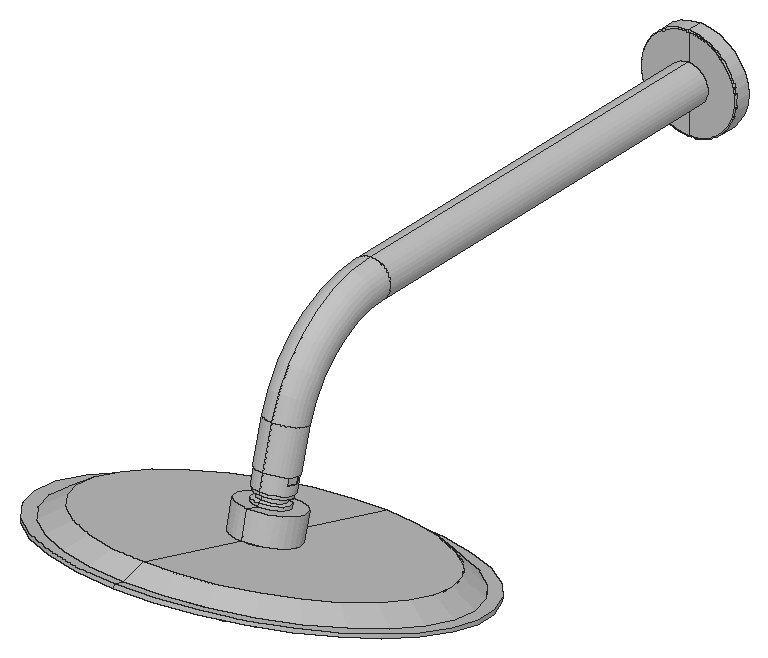
Revit family "Reece_Shower_Milli_Inox_Overhead Shower_With Arm", category Plumbing Fixtures, Revit 2018
Family settings
  Round Connector Dimension = Use Diameter
  Part Type = Normal
  Work Plane-Based = Yes
  Always vertical = Yes
  Cut with Voids When Loaded = Yes
  Shared = Yes
  Room Calculation Point = Yes
Parameters (values of type "Brushed Stainless Steel")
  URL = "https://www.reece.com.au/product/-2252099"
  Type Comments = "Shower"
  Reece_Shower_Reach = 359 mm  # constant formula
  Reece_Shower_Inlet = 12.5 mm  # constant formula
  Reece_Shower_Clearance = 125 mm  # constant formula
  Reece_Product_Web Page = "https://www.reece.com.au/product/-2252099"
  Reece_Product_Type = "Shower"  # constant formula
  Reece_Product_Sub Brand = "Inox"  # constant formula
  Reece_Product_Number = "2252099"
  Reece_Product_Mount = "Wall Mounted"
  Reece_Product_Description = "Milli Inox Overhead Shower 250mm with Arm Stainless Steel (3 Star)"
  Reece_Product_Brand = "Milli"  # constant formula
  Reece_Overall_Projection = 359 mm  # constant formula
  Reece_Material_Main = Reece_Brass_Brushed Stainless Steel
  Reece_Height_From_Level [instance] = 1900 mm
  Reece_Detail_Shape = ""
  Reece_Detail_Installation = "Overhead Shower"  # constant formula
  Reece_Detail_Disclaimer = "THIS FILE IS THE PROPERTY OF THE REECE GROUP. IT MAY NOT BE REPRODUCED, REVERSE-ENGINEERED OR MODIFIED. ANY REPUBLICATION, TRANSMISSION OR DISTRIBUTION FOR THE PURPOSE OF COMMERCIALLY EXPLOITING THE FILES IS PROHIBITED."  # constant formula
  Reece_Detail_Connector = ""
  Reece_Detail_Additional = "With Arm"  # constant formula
  Model = "Inox"
  Manufacturer = "Milli"
  Keynote = "Product #2252099, Reece_Shower_Milli_Inox_Overhead Shower_With Arm - Brushed Stainless Steel"
  Disclaimer = "THIS FILE IS THE PROPERTY OF THE REECE GROUP. IT MAY NOT BE REPRODUCED, REVERSE-ENGINEERED OR MODIFIED. ANY REPUBLICATION, TRANSMISSION OR DISTRIBUTION FOR THE PURPOSE OF COMMERCIALLY EXPLOITING THE FILES IS PROHIBITED."  # constant formula
  Description = "Milli Inox Overhead Shower 250mm with Arm Stainless Steel (3 Star)"
  Default Elevation = 0 mm
Reference planes
  plane 1 "Center (Front/Back)": y = 0
  plane 2 "Height From Floor": z = 1900
  plane 3 "Center (Left/Right)": x = 0
  plane 4 "Bottom Of Invisible Line": z = -5
  plane 5: z = 1775
  plane 6: y = -359
Forms (mm)
  Revolve 1, solid, material "Reece_Brass_Brushed Stainless Steel" <- "Reece_Material_Main"
    sketch origin (0, 0, 0) x (0, 1, 0) y (0, 0, 1)
      loop
        line (0, 1918.561) -> (0, 1931) -> (-9.502, 1931)
        arc (-9.502, 1931) -> (-9.878, 1930.844) -> (-10.034, 1930.469) r 0.531
        line (-10.034, 1930.469) -> (-10.034, 1900) -> (-1, 1900) -> (-1, 1918.561) -> (0, 1918.561)
      axis (0, 1900) -> (-10.034, 1900)
    angle from 0 to 360
  Sweep 2, solid, material "Reece_Brass_Brushed Stainless Steel" <- "Reece_Material_Main"
    path origin (0, 0, 0) x (0, 1, 0) y (0, 0, 1)
      loop
        line (0, 1900) -> (-269.105, 1900)
        arc (-269.105, 1900) -> (-312.531, 1885.47) -> (-338.469, 1847.73) r 72.159
        line (-338.469, 1847.73) -> (-345.911, 1821.776)
    profile origin (0, -134.552, 1900) x (0, 0, -1) y (1, 0, 0)
      loop
        circle (0, 0) r 12.5
Cuts and joins
  joined: Revolve 1, Sweep 2
Lines and regions (mm)
  model lines, style "InvisibleLines"
    curve 1: line (0, 0, -5) -> (0, 0, 1900)
Text (mm)
  text "Reece ©" at (2457.683, -2089.047, 3470.082), in view "Reece Preview"
  text "Reece Copyright © 2018, Reece Ltd." at (82.164, -580.949, 0), in view "Ref. Level"
Dimensions and locks
  level to plane 2 "Height From Floor" = 1900 mm
  locked: level to plane 4 "Bottom Of Invisible Line" at 5
  "Reece_Height_From_Level": plane 2 "Height From Floor" to level
  "Reece_Shower_Clearance": plane 2 "Height From Floor" to plane 5
  "Reece_Overall_Projection": plane 1 "Center (Front/Back)" to plane 6
  Revolve 1 to Revolve 1 = 62 mm
  Revolve 1 sketch curve to Revolve 1 sketch curve to Revolve 1 sketch curve to Revolve 1 sketch curve to Revolve 1 sketch curve to plane 2 "Height From Floor" to Revolve 1 sketch curve to Revolve 1 sketch curve to Revolve 1 sketch curve = 0 mm locked, 0.531 mm locked, 11.908 mm locked, 0 mm locked, 18.561 mm locked, 0 mm locked, 0 mm locked, 0 mm locked
  plane 2 "Height From Floor" to Sweep 2 sketch curve to Sweep 2 sketch curve to Sweep 2 sketch curve to Sweep 2 sketch curve = 0 mm locked, 0 mm locked, 52.27 mm locked, 25.954 mm locked
  nested 1 to nested 1 = 250 mm
  plane 2 "Height From Floor" to level = 1900 mm
  plane 6 to plane 1 "Center (Front/Back)" = 359 mm
  aligned and locked: plane 2 "Height From Floor" to curve 1
  aligned and locked: plane 4 "Bottom Of Invisible Line" to curve 1
  aligned and locked: plane 3 "Center (Left/Right)" to curve 1
Automatic sketch dimensions
  Sweep 2 sketch curve to plane 3 "Center (Left/Right)" = 0 mm
  Sweep 2 sketch curve to profile plane = 0 mm
  Sweep 2 sketch curve to plane 1 "Center (Front/Back)" = 0 mm
  plane 6 to Sweep 2 sketch curve = 89.895 mm
  plane 6 to Sweep 2 sketch curve = 20.531 mm
  plane 6 to Sweep 2 sketch curve = 13.089 mm
  Revolve 1 sketch curve to plane 1 "Center (Front/Back)" = 0 mm
  plane 1 "Center (Front/Back)" to Revolve 1 sketch curve = 9.502 mm
  plane 1 "Center (Front/Back)" to Revolve 1 sketch curve = 10.034 mm
  Revolve 1 sketch curve to Revolve 1 sketch curve = 0 mm
  plane 1 "Center (Front/Back)" to Revolve 1 sketch curve = 1 mm
  Revolve 1 sketch curve to Revolve 1 sketch curve = 27.134 mm
  Revolve 1 sketch curve to plane 1 "Center (Front/Back)" = 20 mm
  radius of Sweep 2 sketch curve = 12.5 mm
Nested families
  nested 1: "Reece_Shower_Milli_Inox_Shower Head_250 mm_Nested" at (0, -345.911, 1821.776) x (1, 0, 0) z (0, -0.2756, -0.9613), Reece_Material_Main <- "Reece_Material_Main", type "250mm"
    with Reece_Material_Main Reece_Brass_Brushed Stainless Steel
Connectors
  piping at (0, 0, 1900), diameter 12.5, driven by "Reece_Shower_Inlet"
    settings: on Sweep 2, index 1, connector inside diameter 609.6 mm, connector length 0 mm, flow factor 0, pipe flow 0.0 L/s, pressure drop 0.0 Pa, fitting loss kfactor 0, connector angle 0.00°, fixture units 0, engagement length 0 mm, angle of deflection 0.00°, flow configuration 0, flow direction 1, fitting loss method 0, system type 29, joint type 0, gender type 0, connector reference index -1, connector utility 0, adjustable connector no, is connector primary yes, connector description ""
Definition of nested family "Reece_Shower_Milli_Inox_Shower Head_250 mm_Nested"
  Parameters (values of type "250mm")
    Waste Connection = no
    WFU = 0
    Vent Connection = no
    URL = ""
    Type Comments = ""
    Reece_Material_Main [instance] = none
    Model = ""
    Manufacturer = ""
    Keynote = ""
    HWFU = 0
    HW Connection = no
    Description = ""
    Default Elevation = 0 mm
    Cost = 0
    CWFU = 0
    CW Connection = no
    Assembly Code = ""
  Reference planes
    plane 1 "Center (Front/Back)": y = 0
    plane 2: z = 0
    plane 3 "Center (Left/Right)": x = 0
    plane 4: x = -125
    plane 5: x = 125
    plane 6: y = 125
    plane 7: y = -125
    plane 8: z = 36
    plane 9: z = 47.5
  Forms (mm)
    Extrusion 1, solid
      sketch origin (619.2, 20, 0) x (1, 0, 0) y (0, 1, 0)
        loop
          line (-843.153, 203.827) -> (-843.153, -206.911) -> (-435.255, -206.911) -> (-435.255, 203.827) -> (-843.153, 203.827)
      from 0 to -35.776
    Revolve 2, solid, material <- "Reece_Material_Main"
      sketch origin (0, 0, 35) x (0, 1, 0) y (0, 0, 1)
        loop
          line (0, 12.5) -> (0, 1) -> (103.143, 1) -> (117.002, 10) -> (125, 10) -> (125, 12.5) -> (0, 12.5)
        axis (0, 12.5) -> (0, 1)
      angle from 0 to 360
    Revolve 3, solid, material <- "Reece_Material_Main"
      sketch origin (0, 0, 0) x (0, 1, 0) y (0, 0, 1)
        loop
          line (0, 0) -> (12, 0) -> (12, 10.5) -> (11, 10.5) -> (11, 12.5) -> (8.5, 12.5) -> (8.5, 15.5) -> (11, 16.666) -> (11, 18.5) -> (20, 18.5) -> (20, 36) -> (0, 36) -> (0, 0)
        axis (0, 36) -> (0, 0)
      angle from 0 to 360
    Revolve 4, solid, material <- "Reece_Material_Main", detail levels fine
      sketch origin (-5.915, -54.091, 0) x (0, 1, 0) y (0, 0, 1)
        loop
          line (59.406, 47.5) -> (59.406, 53.464) -> (58.54, 53.464) -> (58.54, 54.266) -> (57.732, 54.266)
          arc (57.732, 54.266) -> (57.288, 50.832) -> (56.352, 47.5) r 23.819
          line (56.352, 47.5) -> (59.406, 47.5)
        axis (59.406, 47.5) -> (59.406, 54.266)
      angle from 0 to 360
    Revolve 5, solid, material <- "Reece_Material_Main", detail levels fine
      sketch origin (-5.638, 53.739, 0) x (0, -1, 0) y (0, 0, -1)
        loop
          line (59.406, -47.5) -> (56.352, -47.5)
          arc (56.352, -47.5) -> (57.288, -50.832) -> (57.732, -54.266) r 23.819
          line (57.732, -54.266) -> (58.54, -54.266) -> (58.54, -53.464) -> (59.406, -53.464) -> (59.406, -47.5)
        axis (59.406, -47.5) -> (59.406, -54.266)
      angle from 0 to 360
    Revolve 6, solid, material <- "Reece_Material_Main", detail levels fine
      sketch origin (5.365, -54.035, 0) x (0, 1, 0) y (0, 0, -1)
        loop
          line (59.406, -47.5) -> (56.352, -47.5)
          arc (56.352, -47.5) -> (57.288, -50.832) -> (57.732, -54.266) r 23.819
          line (57.732, -54.266) -> (58.54, -54.266) -> (58.54, -53.464) -> (59.406, -53.464) -> (59.406, -47.5)
        axis (59.406, -47.5) -> (59.406, -54.266)
      angle from 0 to 360
    Revolve 7, solid, material <- "Reece_Material_Main", detail levels fine
      sketch origin (5.642, 53.684, 0) x (0, -1, 0) y (0, 0, 1)
        loop
          line (59.406, 47.5) -> (59.406, 53.464) -> (58.54, 53.464) -> (58.54, 54.266) -> (57.732, 54.266)
          arc (57.732, 54.266) -> (57.288, 50.832) -> (56.352, 47.5) r 23.819
          line (56.352, 47.5) -> (59.406, 47.5)
        axis (59.406, 47.5) -> (59.406, 54.266)
      angle from 0 to 360
    Revolve 8, solid, material <- "Reece_Material_Main", detail levels fine
      sketch origin (-5.57, -30.349, 0) x (0, 1, 0) y (0, 0, 1)
        loop
          line (59.406, 47.5) -> (59.406, 53.464) -> (58.54, 53.464) -> (58.54, 54.266) -> (57.732, 54.266)
          arc (57.732, 54.266) -> (57.288, 50.832) -> (56.352, 47.5) r 23.819
          line (56.352, 47.5) -> (59.406, 47.5)
        axis (59.406, 47.5) -> (59.406, 54.266)
      angle from 0 to 360
    Revolve 9, solid, material <- "Reece_Material_Main", detail levels fine
      sketch origin (-19.207, -37.001, 0) x (0, 1, 0) y (0, 0, 1)
        loop
          line (59.406, 47.5) -> (59.406, 53.464) -> (58.54, 53.464) -> (58.54, 54.266) -> (57.732, 54.266)
          arc (57.732, 54.266) -> (57.288, 50.832) -> (56.352, 47.5) r 23.819
          line (56.352, 47.5) -> (59.406, 47.5)
        axis (59.406, 47.5) -> (59.406, 54.266)
      angle from 0 to 360
    Revolve 10, solid, material <- "Reece_Material_Main", detail levels fine
      sketch origin (-28.016, -49.666, 0) x (0, 1, 0) y (0, 0, 1)
        loop
          line (59.406, 47.5) -> (59.406, 53.464) -> (58.54, 53.464) -> (58.54, 54.266) -> (57.732, 54.266)
          arc (57.732, 54.266) -> (57.288, 50.832) -> (56.352, 47.5) r 23.819
          line (56.352, 47.5) -> (59.406, 47.5)
        axis (59.406, 47.5) -> (59.406, 54.266)
      angle from 0 to 360
    Revolve 11, solid, material <- "Reece_Material_Main", detail levels fine
      sketch origin (-29.148, -65.062, 0) x (0, 1, 0) y (0, 0, 1)
        loop
          line (59.406, 47.5) -> (59.406, 53.464) -> (58.54, 53.464) -> (58.54, 54.266) -> (57.732, 54.266)
          arc (57.732, 54.266) -> (57.288, 50.832) -> (56.352, 47.5) r 23.819
          line (56.352, 47.5) -> (59.406, 47.5)
        axis (59.406, 47.5) -> (59.406, 54.266)
      angle from 0 to 360
    Revolve 12, solid, material <- "Reece_Material_Main", detail levels fine
      sketch origin (-22.619, -79.06, 0) x (0, 1, 0) y (0, 0, 1)
        loop
          line (59.406, 47.5) -> (59.406, 53.464) -> (58.54, 53.464) -> (58.54, 54.266) -> (57.732, 54.266)
          arc (57.732, 54.266) -> (57.288, 50.832) -> (56.352, 47.5) r 23.819
          line (56.352, 47.5) -> (59.406, 47.5)
        axis (59.406, 47.5) -> (59.406, 54.266)
      angle from 0 to 360
    Revolve 13, solid, material <- "Reece_Material_Main", detail levels fine
      sketch origin (-9.807, -87.517, 0) x (0, 1, 0) y (0, 0, 1)
        loop
          line (59.406, 47.5) -> (59.406, 53.464) -> (58.54, 53.464) -> (58.54, 54.266) -> (57.732, 54.266)
          arc (57.732, 54.266) -> (57.288, 50.832) -> (56.352, 47.5) r 23.819
          line (56.352, 47.5) -> (59.406, 47.5)
        axis (59.406, 47.5) -> (59.406, 54.266)
      angle from 0 to 360
    Revolve 14, solid, material <- "Reece_Material_Main", detail levels fine
      sketch origin (9.656, -31.491, 0) x (0, 1, 0) y (0, 0, -1)
        loop
          line (59.406, -47.5) -> (56.352, -47.5)
          arc (56.352, -47.5) -> (57.288, -50.832) -> (57.732, -54.266) r 23.819
          line (57.732, -54.266) -> (58.54, -54.266) -> (58.54, -53.464) -> (59.406, -53.464) -> (59.406, -47.5)
        axis (59.406, -47.5) -> (59.406, -54.266)
      angle from 0 to 360
    Revolve 15, solid, material <- "Reece_Material_Main", detail levels fine
      sketch origin (22.455, -40.206, 0) x (0, 1, 0) y (0, 0, -1)
        loop
          line (59.406, -47.5) -> (56.352, -47.5)
          arc (56.352, -47.5) -> (57.288, -50.832) -> (57.732, -54.266) r 23.819
          line (57.732, -54.266) -> (58.54, -54.266) -> (58.54, -53.464) -> (59.406, -53.464) -> (59.406, -47.5)
        axis (59.406, -47.5) -> (59.406, -54.266)
      angle from 0 to 360
    Revolve 16, solid, material <- "Reece_Material_Main", detail levels fine
      sketch origin (29.227, -53.912, 0) x (0, 1, 0) y (0, 0, -1)
        loop
          line (59.406, -47.5) -> (56.352, -47.5)
          arc (56.352, -47.5) -> (57.288, -50.832) -> (57.732, -54.266) r 23.819
          line (57.732, -54.266) -> (58.54, -54.266) -> (58.54, -53.464) -> (59.406, -53.464) -> (59.406, -47.5)
        axis (59.406, -47.5) -> (59.406, -54.266)
      angle from 0 to 360
    Revolve 17, solid, material <- "Reece_Material_Main", detail levels fine
      sketch origin (27.773, -69.466, 0) x (0, 1, 0) y (0, 0, -1)
        loop
          line (59.406, -47.5) -> (56.352, -47.5)
          arc (56.352, -47.5) -> (57.288, -50.832) -> (57.732, -54.266) r 23.819
          line (57.732, -54.266) -> (58.54, -54.266) -> (58.54, -53.464) -> (59.406, -53.464) -> (59.406, -47.5)
        axis (59.406, -47.5) -> (59.406, -54.266)
      angle from 0 to 360
    Revolve 18, solid, material <- "Reece_Material_Main", detail levels fine
      sketch origin (19.126, -82.156, 0) x (0, 1, 0) y (0, 0, -1)
        loop
          line (59.406, -47.5) -> (56.352, -47.5)
          arc (56.352, -47.5) -> (57.288, -50.832) -> (57.732, -54.266) r 23.819
          line (57.732, -54.266) -> (58.54, -54.266) -> (58.54, -53.464) -> (59.406, -53.464) -> (59.406, -47.5)
        axis (59.406, -47.5) -> (59.406, -54.266)
      angle from 0 to 360
    Revolve 19, solid, material <- "Reece_Material_Main", detail levels fine
      sketch origin (5.434, -88.987, 0) x (0, 1, 0) y (0, 0, -1)
        loop
          line (59.406, -47.5) -> (56.352, -47.5)
          arc (56.352, -47.5) -> (57.288, -50.832) -> (57.732, -54.266) r 23.819
          line (57.732, -54.266) -> (58.54, -54.266) -> (58.54, -53.464) -> (59.406, -53.464) -> (59.406, -47.5)
        axis (59.406, -47.5) -> (59.406, -54.266)
      angle from 0 to 360
    Revolve 20, solid, material <- "Reece_Material_Main", detail levels fine
      sketch origin (-5.367, -6.648, 0) x (0, 1, 0) y (0, 0, 1)
        loop
          line (59.406, 47.5) -> (59.406, 53.464) -> (58.54, 53.464) -> (58.54, 54.266) -> (57.732, 54.266)
          arc (57.732, 54.266) -> (57.288, 50.832) -> (56.352, 47.5) r 23.819
          line (56.352, 47.5) -> (59.406, 47.5)
        axis (59.406, 47.5) -> (59.406, 54.266)
      angle from 0 to 360
    Revolve 21, solid, material <- "Reece_Material_Main", detail levels fine
      sketch origin (-21.644, -10.896, 0) x (0, 1, 0) y (0, 0, 1)
        loop
          line (59.406, 47.5) -> (59.406, 53.464) -> (58.54, 53.464) -> (58.54, 54.266) -> (57.732, 54.266)
          arc (57.732, 54.266) -> (57.288, 50.832) -> (56.352, 47.5) r 23.819
          line (56.352, 47.5) -> (59.406, 47.5)
        axis (59.406, 47.5) -> (59.406, 54.266)
      angle from 0 to 360
    Revolve 22, solid, material <- "Reece_Material_Main", detail levels fine
      sketch origin (-35.595, -20.018, 0) x (0, 1, 0) y (0, 0, 1)
        loop
          line (59.406, 47.5) -> (59.406, 53.464) -> (58.54, 53.464) -> (58.54, 54.266) -> (57.732, 54.266)
          arc (57.732, 54.266) -> (57.288, 50.832) -> (56.352, 47.5) r 23.819
          line (56.352, 47.5) -> (59.406, 47.5)
        axis (59.406, 47.5) -> (59.406, 54.266)
      angle from 0 to 360
    Revolve 23, solid, material <- "Reece_Material_Main", detail levels fine
      sketch origin (-46.121, -33.022, 0) x (0, 1, 0) y (0, 0, 1)
        loop
          line (59.406, 47.5) -> (59.406, 53.464) -> (58.54, 53.464) -> (58.54, 54.266) -> (57.732, 54.266)
          arc (57.732, 54.266) -> (57.288, 50.832) -> (56.352, 47.5) r 23.819
          line (56.352, 47.5) -> (59.406, 47.5)
        axis (59.406, 47.5) -> (59.406, 54.266)
      angle from 0 to 360
    Revolve 24, solid, material <- "Reece_Material_Main", detail levels fine
      sketch origin (-75.996, -48.126, 0) x (0, 1, 0) y (0, 0, 1)
        loop
          line (59.406, 47.5) -> (59.406, 53.464) -> (58.54, 53.464) -> (58.54, 54.266) -> (57.732, 54.266)
          arc (57.732, 54.266) -> (57.288, 50.832) -> (56.352, 47.5) r 23.819
          line (56.352, 47.5) -> (59.406, 47.5)
        axis (59.406, 47.5) -> (59.406, 54.266)
      angle from 0 to 360
    Revolve 25, solid, material <- "Reece_Material_Main", detail levels fine
      sketch origin (-76.537, -65.301, 0) x (0, 1, 0) y (0, 0, 1)
        loop
          line (59.406, 47.5) -> (59.406, 53.464) -> (58.54, 53.464) -> (58.54, 54.266) -> (57.732, 54.266)
          arc (57.732, 54.266) -> (57.288, 50.832) -> (56.352, 47.5) r 23.819
          line (56.352, 47.5) -> (59.406, 47.5)
        axis (59.406, 47.5) -> (59.406, 54.266)
      angle from 0 to 360
    Revolve 26, solid, material <- "Reece_Material_Main", detail levels fine
      sketch origin (-73.476, -82.078, 0) x (0, 1, 0) y (0, 0, 1)
        loop
          line (59.406, 47.5) -> (59.406, 53.464) -> (58.54, 53.464) -> (58.54, 54.266) -> (57.732, 54.266)
          arc (57.732, 54.266) -> (57.288, 50.832) -> (56.352, 47.5) r 23.819
          line (56.352, 47.5) -> (59.406, 47.5)
        axis (59.406, 47.5) -> (59.406, 54.266)
      angle from 0 to 360
    Revolve 27, solid, material <- "Reece_Material_Main", detail levels fine
      sketch origin (-39.607, -95.299, 0) x (0, 1, 0) y (0, 0, 1)
        loop
          line (59.406, 47.5) -> (59.406, 53.464) -> (58.54, 53.464) -> (58.54, 54.266) -> (57.732, 54.266)
          arc (57.732, 54.266) -> (57.288, 50.832) -> (56.352, 47.5) r 23.819
          line (56.352, 47.5) -> (59.406, 47.5)
        axis (59.406, 47.5) -> (59.406, 54.266)
      angle from 0 to 360
    Revolve 28, solid, material <- "Reece_Material_Main", detail levels fine
      sketch origin (-26.546, -130.642, 0) x (0, 1, 0) y (0, 0, 1)
        loop
          line (84.406, 47.5) -> (84.406, 53.464) -> (83.54, 53.464) -> (83.54, 54.266) -> (82.732, 54.266)
          arc (82.732, 54.266) -> (82.288, 50.832) -> (81.352, 47.5) r 23.819
          line (81.352, 47.5) -> (84.406, 47.5)
        axis (84.406, 47.5) -> (84.406, 54.266)
      angle from 0 to 360
    Revolve 29, solid, material <- "Reece_Material_Main", detail levels fine
      sketch origin (5.202, -137.614, 0) x (0, 1, 0) y (0, 0, 1)
        loop
          line (84.406, 47.5) -> (84.406, 53.464) -> (83.54, 53.464) -> (83.54, 54.266) -> (82.732, 54.266)
          arc (82.732, 54.266) -> (82.288, 50.832) -> (81.352, 47.5) r 23.819
          line (81.352, 47.5) -> (84.406, 47.5)
        axis (84.406, 47.5) -> (84.406, 54.266)
      angle from 0 to 360
    Revolve 30, solid, material <- "Reece_Material_Main", detail levels fine
      sketch origin (21.649, -133.325, 0) x (0, 1, 0) y (0, 0, 1)
        loop
          line (84.406, 47.5) -> (84.406, 53.464) -> (83.54, 53.464) -> (83.54, 54.266) -> (82.732, 54.266)
          arc (82.732, 54.266) -> (82.288, 50.832) -> (81.352, 47.5) r 23.819
          line (81.352, 47.5) -> (84.406, 47.5)
        axis (84.406, 47.5) -> (84.406, 54.266)
      angle from 0 to 360
    Revolve 31, solid, material <- "Reece_Material_Main", detail levels fine
      sketch origin (35.564, -124.309, 0) x (0, 1, 0) y (0, 0, 1)
        loop
          line (84.406, 47.5) -> (84.406, 53.464) -> (83.54, 53.464) -> (83.54, 54.266) -> (82.732, 54.266)
          arc (82.732, 54.266) -> (82.288, 50.832) -> (81.352, 47.5) r 23.819
          line (81.352, 47.5) -> (84.406, 47.5)
        axis (84.406, 47.5) -> (84.406, 54.266)
      angle from 0 to 360
    Revolve 32, solid, material <- "Reece_Material_Main", detail levels fine
      sketch origin (-11.268, -111.643, 0) x (0, 1, 0) y (0, 0, 1)
        loop
          line (59.406, 47.5) -> (59.406, 53.464) -> (58.54, 53.464) -> (58.54, 54.266) -> (57.732, 54.266)
          arc (57.732, 54.266) -> (57.288, 50.832) -> (56.352, 47.5) r 23.819
          line (56.352, 47.5) -> (59.406, 47.5)
        axis (59.406, 47.5) -> (59.406, 54.266)
      angle from 0 to 360
    Revolve 33, solid, material <- "Reece_Material_Main", detail levels fine
      sketch origin (45.981, -86.551, 0) x (0, 1, 0) y (0, 0, 1)
        loop
          line (59.406, 47.5) -> (59.406, 53.464) -> (58.54, 53.464) -> (58.54, 54.266) -> (57.732, 54.266)
          arc (57.732, 54.266) -> (57.288, 50.832) -> (56.352, 47.5) r 23.819
          line (56.352, 47.5) -> (59.406, 47.5)
        axis (59.406, 47.5) -> (59.406, 54.266)
      angle from 0 to 360
    Revolve 34, solid, material <- "Reece_Material_Main", detail levels fine
      sketch origin (51.96, -70.614, 0) x (0, 1, 0) y (0, 0, 1)
        loop
          line (59.406, 47.5) -> (59.406, 53.464) -> (58.54, 53.464) -> (58.54, 54.266) -> (57.732, 54.266)
          arc (57.732, 54.266) -> (57.288, 50.832) -> (56.352, 47.5) r 23.819
          line (56.352, 47.5) -> (59.406, 47.5)
        axis (59.406, 47.5) -> (59.406, 54.266)
      angle from 0 to 360
    Revolve 35, solid, material <- "Reece_Material_Main", detail levels fine
      sketch origin (52.876, -54.116, 0) x (0, 1, 0) y (0, 0, 1)
        loop
          line (59.406, 47.5) -> (59.406, 53.464) -> (58.54, 53.464) -> (58.54, 54.266) -> (57.732, 54.266)
          arc (57.732, 54.266) -> (57.288, 50.832) -> (56.352, 47.5) r 23.819
          line (56.352, 47.5) -> (59.406, 47.5)
        axis (59.406, 47.5) -> (59.406, 54.266)
      angle from 0 to 360
    Revolve 36, solid, material <- "Reece_Material_Main", detail levels fine
      sketch origin (48.559, -38.136, 0) x (0, 1, 0) y (0, 0, 1)
        loop
          line (59.406, 47.5) -> (59.406, 53.464) -> (58.54, 53.464) -> (58.54, 54.266) -> (57.732, 54.266)
          arc (57.732, 54.266) -> (57.288, 50.832) -> (56.352, 47.5) r 23.819
          line (56.352, 47.5) -> (59.406, 47.5)
        axis (59.406, 47.5) -> (59.406, 54.266)
      angle from 0 to 360
    Revolve 37, solid, material <- "Reece_Material_Main", detail levels fine
      sketch origin (39.574, -24.335, 0) x (0, 1, 0) y (0, 0, 1)
        loop
          line (59.406, 47.5) -> (59.406, 53.464) -> (58.54, 53.464) -> (58.54, 54.266) -> (57.732, 54.266)
          arc (57.732, 54.266) -> (57.288, 50.832) -> (56.352, 47.5) r 23.819
          line (56.352, 47.5) -> (59.406, 47.5)
        axis (59.406, 47.5) -> (59.406, 54.266)
      angle from 0 to 360
    Revolve 38, solid, material <- "Reece_Material_Main", detail levels fine
      sketch origin (26.821, -13.678, 0) x (0, 1, 0) y (0, 0, 1)
        loop
          line (59.406, 47.5) -> (59.406, 53.464) -> (58.54, 53.464) -> (58.54, 54.266) -> (57.732, 54.266)
          arc (57.732, 54.266) -> (57.288, 50.832) -> (56.352, 47.5) r 23.819
          line (56.352, 47.5) -> (59.406, 47.5)
        axis (59.406, 47.5) -> (59.406, 54.266)
      angle from 0 to 360
    Revolve 39, solid, material <- "Reece_Material_Main", detail levels fine
      sketch origin (11.238, -7.616, 0) x (0, 1, 0) y (0, 0, 1)
        loop
          line (59.406, 47.5) -> (59.406, 53.464) -> (58.54, 53.464) -> (58.54, 54.266) -> (57.732, 54.266)
          arc (57.732, 54.266) -> (57.288, 50.832) -> (56.352, 47.5) r 23.819
          line (56.352, 47.5) -> (59.406, 47.5)
        axis (59.406, 47.5) -> (59.406, 54.266)
      angle from 0 to 360
    Revolve 40, solid, material <- "Reece_Material_Main", detail levels fine
      sketch origin (-5.268, 16.854, 0) x (0, 1, 0) y (0, 0, 1)
        loop
          line (59.406, 47.5) -> (59.406, 53.464) -> (58.54, 53.464) -> (58.54, 54.266) -> (57.732, 54.266)
          arc (57.732, 54.266) -> (57.288, 50.832) -> (56.352, 47.5) r 23.819
          line (56.352, 47.5) -> (59.406, 47.5)
        axis (59.406, 47.5) -> (59.406, 54.266)
      angle from 0 to 360
    Revolve 41, solid, material <- "Reece_Material_Main", detail levels fine
      sketch origin (-22.729, 13.73, 0) x (0, 1, 0) y (0, 0, 1)
        loop
          line (59.406, 47.5) -> (59.406, 53.464) -> (58.54, 53.464) -> (58.54, 54.266) -> (57.732, 54.266)
          arc (57.732, 54.266) -> (57.288, 50.832) -> (56.352, 47.5) r 23.819
          line (56.352, 47.5) -> (59.406, 47.5)
        axis (59.406, 47.5) -> (59.406, 54.266)
      angle from 0 to 360
    Revolve 42, solid, material <- "Reece_Material_Main", detail levels fine
      sketch origin (-38.259, 7.016, 0) x (0, 1, 0) y (0, 0, 1)
        loop
          line (59.406, 47.5) -> (59.406, 53.464) -> (58.54, 53.464) -> (58.54, 54.266) -> (57.732, 54.266)
          arc (57.732, 54.266) -> (57.288, 50.832) -> (56.352, 47.5) r 23.819
          line (56.352, 47.5) -> (59.406, 47.5)
        axis (59.406, 47.5) -> (59.406, 54.266)
      angle from 0 to 360
    Revolve 43, solid, material <- "Reece_Material_Main", detail levels fine
      sketch origin (-54.933, 24.917, 0) x (0, 1, 0) y (0, 0, 1)
        loop
          line (59.406, 47.5) -> (59.406, 53.464) -> (58.54, 53.464) -> (58.54, 54.266) -> (57.732, 54.266)
          arc (57.732, 54.266) -> (57.288, 50.832) -> (56.352, 47.5) r 23.819
          line (56.352, 47.5) -> (59.406, 47.5)
        axis (59.406, 47.5) -> (59.406, 54.266)
      angle from 0 to 360
    Revolve 44, solid, material <- "Reece_Material_Main", detail levels fine
      sketch origin (-80.595, 0.826, 0) x (0, 1, 0) y (0, 0, 1)
        loop
          line (59.406, 47.5) -> (59.406, 53.464) -> (58.54, 53.464) -> (58.54, 54.266) -> (57.732, 54.266)
          arc (57.732, 54.266) -> (57.288, 50.832) -> (56.352, 47.5) r 23.819
          line (56.352, 47.5) -> (59.406, 47.5)
        axis (59.406, 47.5) -> (59.406, 54.266)
      angle from 0 to 360
    Revolve 45, solid, material <- "Reece_Material_Main", detail levels fine
      sketch origin (-89.68, -13.978, 0) x (0, 1, 0) y (0, 0, 1)
        loop
          line (59.406, 47.5) -> (59.406, 53.464) -> (58.54, 53.464) -> (58.54, 54.266) -> (57.732, 54.266)
          arc (57.732, 54.266) -> (57.288, 50.832) -> (56.352, 47.5) r 23.819
          line (56.352, 47.5) -> (59.406, 47.5)
        axis (59.406, 47.5) -> (59.406, 54.266)
      angle from 0 to 360
    Revolve 46, solid, material <- "Reece_Material_Main", detail levels fine
      sketch origin (-99.943, -47.498, 0) x (0, 1, 0) y (0, 0, 1)
        loop
          line (59.406, 47.5) -> (59.406, 53.464) -> (58.54, 53.464) -> (58.54, 54.266) -> (57.732, 54.266)
          arc (57.732, 54.266) -> (57.288, 50.832) -> (56.352, 47.5) r 23.819
          line (56.352, 47.5) -> (59.406, 47.5)
        axis (59.406, 47.5) -> (59.406, 54.266)
      angle from 0 to 360
    Revolve 47, solid, material <- "Reece_Material_Main", detail levels fine
      sketch origin (-100.557, -64.837, 0) x (0, 1, 0) y (0, 0, 1)
        loop
          line (59.406, 47.5) -> (59.406, 53.464) -> (58.54, 53.464) -> (58.54, 54.266) -> (57.732, 54.266)
          arc (57.732, 54.266) -> (57.288, 50.832) -> (56.352, 47.5) r 23.819
          line (56.352, 47.5) -> (59.406, 47.5)
        axis (59.406, 47.5) -> (59.406, 54.266)
      angle from 0 to 360
    Revolve 48, solid, material <- "Reece_Material_Main", detail levels fine
      sketch origin (-97.917, -82.358, 0) x (0, 1, 0) y (0, 0, 1)
        loop
          line (59.406, 47.5) -> (59.406, 53.464) -> (58.54, 53.464) -> (58.54, 54.266) -> (57.732, 54.266)
          arc (57.732, 54.266) -> (57.288, 50.832) -> (56.352, 47.5) r 23.819
          line (56.352, 47.5) -> (59.406, 47.5)
        axis (59.406, 47.5) -> (59.406, 54.266)
      angle from 0 to 360
    Revolve 49, solid, material <- "Reece_Material_Main", detail levels fine
      sketch origin (-92.473, -99.036, 0) x (0, 1, 0) y (0, 0, 1)
        loop
          line (59.406, 47.5) -> (59.406, 53.464) -> (58.54, 53.464) -> (58.54, 54.266) -> (57.732, 54.266)
          arc (57.732, 54.266) -> (57.288, 50.832) -> (56.352, 47.5) r 23.819
          line (56.352, 47.5) -> (59.406, 47.5)
        axis (59.406, 47.5) -> (59.406, 54.266)
      angle from 0 to 360
    Revolve 50, solid, material <- "Reece_Material_Main", detail levels fine
      sketch origin (-66.457, -122.878, 0) x (0, 1, 0) y (0, 0, 1)
        loop
          line (84.406, 47.5) -> (84.406, 53.464) -> (83.54, 53.464) -> (83.54, 54.266) -> (82.732, 54.266)
          arc (82.732, 54.266) -> (82.288, 50.832) -> (81.352, 47.5) r 23.819
          line (81.352, 47.5) -> (84.406, 47.5)
        axis (84.406, 47.5) -> (84.406, 54.266)
      angle from 0 to 360
    Revolve 51, solid, material <- "Reece_Material_Main", detail levels fine
      sketch origin (-56.559, -136.824, 0) x (0, 1, 0) y (0, 0, 1)
        loop
          line (84.406, 47.5) -> (84.406, 53.464) -> (83.54, 53.464) -> (83.54, 54.266) -> (82.732, 54.266)
          arc (82.732, 54.266) -> (82.288, 50.832) -> (81.352, 47.5) r 23.819
          line (81.352, 47.5) -> (84.406, 47.5)
        axis (84.406, 47.5) -> (84.406, 54.266)
      angle from 0 to 360
    Revolve 52, solid, material <- "Reece_Material_Main", detail levels fine
      sketch origin (-28.315, -156.285, 0) x (0, 1, 0) y (0, 0, 1)
        loop
          line (84.406, 47.5) -> (84.406, 53.464) -> (83.54, 53.464) -> (83.54, 54.266) -> (82.732, 54.266)
          arc (82.732, 54.266) -> (82.288, 50.832) -> (81.352, 47.5) r 23.819
          line (81.352, 47.5) -> (84.406, 47.5)
        axis (84.406, 47.5) -> (84.406, 54.266)
      angle from 0 to 360
    Revolve 53, solid, material <- "Reece_Material_Main", detail levels fine
      sketch origin (-11.589, -160.948, 0) x (0, 1, 0) y (0, 0, 1)
        loop
          line (84.406, 47.5) -> (84.406, 53.464) -> (83.54, 53.464) -> (83.54, 54.266) -> (82.732, 54.266)
          arc (82.732, 54.266) -> (82.288, 50.832) -> (81.352, 47.5) r 23.819
          line (81.352, 47.5) -> (84.406, 47.5)
        axis (84.406, 47.5) -> (84.406, 54.266)
      angle from 0 to 360
    Revolve 54, solid, material <- "Reece_Material_Main", detail levels fine
      sketch origin (5.596, -161.448, 0) x (0, 1, 0) y (0, 0, 1)
        loop
          line (84.406, 47.5) -> (84.406, 53.464) -> (83.54, 53.464) -> (83.54, 54.266) -> (82.732, 54.266)
          arc (82.732, 54.266) -> (82.288, 50.832) -> (81.352, 47.5) r 23.819
          line (81.352, 47.5) -> (84.406, 47.5)
        axis (84.406, 47.5) -> (84.406, 54.266)
      angle from 0 to 360
    Revolve 55, solid, material <- "Reece_Material_Main", detail levels fine
      sketch origin (22.483, -158.308, 0) x (0, 1, 0) y (0, 0, 1)
        loop
          line (84.406, 47.5) -> (84.406, 53.464) -> (83.54, 53.464) -> (83.54, 54.266) -> (82.732, 54.266)
          arc (82.732, 54.266) -> (82.288, 50.832) -> (81.352, 47.5) r 23.819
          line (81.352, 47.5) -> (84.406, 47.5)
        axis (84.406, 47.5) -> (84.406, 54.266)
      angle from 0 to 360
    Revolve 56, solid, material <- "Reece_Material_Main", detail levels fine
      sketch origin (38.096, -151.602, 0) x (0, 1, 0) y (0, 0, 1)
        loop
          line (84.406, 47.5) -> (84.406, 53.464) -> (83.54, 53.464) -> (83.54, 54.266) -> (82.732, 54.266)
          arc (82.732, 54.266) -> (82.288, 50.832) -> (81.352, 47.5) r 23.819
          line (81.352, 47.5) -> (84.406, 47.5)
        axis (84.406, 47.5) -> (84.406, 54.266)
      angle from 0 to 360
    Revolve 57, solid, material <- "Reece_Material_Main", detail levels fine
      sketch origin (63.408, -128.226, 0) x (0, 1, 0) y (0, 0, 1)
        loop
          line (84.406, 47.5) -> (84.406, 53.464) -> (83.54, 53.464) -> (83.54, 54.266) -> (82.732, 54.266)
          arc (82.732, 54.266) -> (82.288, 50.832) -> (81.352, 47.5) r 23.819
          line (81.352, 47.5) -> (84.406, 47.5)
        axis (84.406, 47.5) -> (84.406, 54.266)
      angle from 0 to 360
    Revolve 58, solid, material <- "Reece_Material_Main", detail levels fine
      sketch origin (71.722, -112.95, 0) x (0, 1, 0) y (0, 0, 1)
        loop
          line (84.406, 47.5) -> (84.406, 53.464) -> (83.54, 53.464) -> (83.54, 54.266) -> (82.732, 54.266)
          arc (82.732, 54.266) -> (82.288, 50.832) -> (81.352, 47.5) r 23.819
          line (81.352, 47.5) -> (84.406, 47.5)
        axis (84.406, 47.5) -> (84.406, 54.266)
      angle from 0 to 360
    Revolve 59, solid, material <- "Reece_Material_Main", detail levels fine
      sketch origin (76.046, -71.575, 0) x (0, 1, 0) y (0, 0, 1)
        loop
          line (59.406, 47.5) -> (59.406, 53.464) -> (58.54, 53.464) -> (58.54, 54.266) -> (57.732, 54.266)
          arc (57.732, 54.266) -> (57.288, 50.832) -> (56.352, 47.5) r 23.819
          line (56.352, 47.5) -> (59.406, 47.5)
        axis (59.406, 47.5) -> (59.406, 54.266)
      angle from 0 to 360
    Revolve 60, solid, material <- "Reece_Material_Main", detail levels fine
      sketch origin (76.31, -54.273, 0) x (0, 1, 0) y (0, 0, 1)
        loop
          line (59.406, 47.5) -> (59.406, 53.464) -> (58.54, 53.464) -> (58.54, 54.266) -> (57.732, 54.266)
          arc (57.732, 54.266) -> (57.288, 50.832) -> (56.352, 47.5) r 23.819
          line (56.352, 47.5) -> (59.406, 47.5)
        axis (59.406, 47.5) -> (59.406, 54.266)
      angle from 0 to 360
    Revolve 61, solid, material <- "Reece_Material_Main", detail levels fine
      sketch origin (73.633, -37.299, 0) x (0, 1, 0) y (0, 0, 1)
        loop
          line (59.406, 47.5) -> (59.406, 53.464) -> (58.54, 53.464) -> (58.54, 54.266) -> (57.732, 54.266)
          arc (57.732, 54.266) -> (57.288, 50.832) -> (56.352, 47.5) r 23.819
          line (56.352, 47.5) -> (59.406, 47.5)
        axis (59.406, 47.5) -> (59.406, 54.266)
      angle from 0 to 360
    Revolve 62, solid, material <- "Reece_Material_Main", detail levels fine
      sketch origin (66.47, -21.508, 0) x (0, 1, 0) y (0, 0, 1)
        loop
          line (59.406, 47.5) -> (59.406, 53.464) -> (58.54, 53.464) -> (58.54, 54.266) -> (57.732, 54.266)
          arc (57.732, 54.266) -> (57.288, 50.832) -> (56.352, 47.5) r 23.819
          line (56.352, 47.5) -> (59.406, 47.5)
        axis (59.406, 47.5) -> (59.406, 54.266)
      angle from 0 to 360
    Revolve 63, solid, material <- "Reece_Material_Main", detail levels fine
      sketch origin (56.499, -7.445, 0) x (0, 1, 0) y (0, 0, 1)
        loop
          line (59.406, 47.5) -> (59.406, 53.464) -> (58.54, 53.464) -> (58.54, 54.266) -> (57.732, 54.266)
          arc (57.732, 54.266) -> (57.288, 50.832) -> (56.352, 47.5) r 23.819
          line (56.352, 47.5) -> (59.406, 47.5)
        axis (59.406, 47.5) -> (59.406, 54.266)
      angle from 0 to 360
    Revolve 64, solid, material <- "Reece_Material_Main", detail levels fine
      sketch origin (43.514, 3.756, 0) x (0, 1, 0) y (0, 0, 1)
        loop
          line (59.406, 47.5) -> (59.406, 53.464) -> (58.54, 53.464) -> (58.54, 54.266) -> (57.732, 54.266)
          arc (57.732, 54.266) -> (57.288, 50.832) -> (56.352, 47.5) r 23.819
          line (56.352, 47.5) -> (59.406, 47.5)
        axis (59.406, 47.5) -> (59.406, 54.266)
      angle from 0 to 360
    Revolve 65, solid, material <- "Reece_Material_Main", detail levels fine
      sketch origin (28.432, 11.984, 0) x (0, 1, 0) y (0, 0, 1)
        loop
          line (59.406, 47.5) -> (59.406, 53.464) -> (58.54, 53.464) -> (58.54, 54.266) -> (57.732, 54.266)
          arc (57.732, 54.266) -> (57.288, 50.832) -> (56.352, 47.5) r 23.819
          line (56.352, 47.5) -> (59.406, 47.5)
        axis (59.406, 47.5) -> (59.406, 54.266)
      angle from 0 to 360
    Revolve 66, solid, material <- "Reece_Material_Main", detail levels fine
      sketch origin (11.688, 16.535, 0) x (0, 1, 0) y (0, 0, 1)
        loop
          line (59.406, 47.5) -> (59.406, 53.464) -> (58.54, 53.464) -> (58.54, 54.266) -> (57.732, 54.266)
          arc (57.732, 54.266) -> (57.288, 50.832) -> (56.352, 47.5) r 23.819
          line (56.352, 47.5) -> (59.406, 47.5)
        axis (59.406, 47.5) -> (59.406, 54.266)
      angle from 0 to 360
    Revolve 67, solid, material <- "Reece_Material_Main", detail levels fine
      sketch origin (12.044, 65.116, 0) x (0, 1, 0) y (0, 0, 1)
        loop
          line (34.406, 47.5) -> (34.406, 53.464) -> (33.54, 53.464) -> (33.54, 54.266) -> (32.732, 54.266)
          arc (32.732, 54.266) -> (32.288, 50.832) -> (31.352, 47.5) r 23.819
          line (31.352, 47.5) -> (34.406, 47.5)
        axis (34.406, 47.5) -> (34.406, 54.266)
      angle from 0 to 360
    Revolve 68, solid, material <- "Reece_Material_Main", detail levels fine
      sketch origin (45.468, 55.367, 0) x (0, 1, 0) y (0, 0, 1)
        loop
          line (34.406, 47.5) -> (34.406, 53.464) -> (33.54, 53.464) -> (33.54, 54.266) -> (32.732, 54.266)
          arc (32.732, 54.266) -> (32.288, 50.832) -> (31.352, 47.5) r 23.819
          line (31.352, 47.5) -> (34.406, 47.5)
        axis (34.406, 47.5) -> (34.406, 54.266)
      angle from 0 to 360
    Revolve 69, solid, material <- "Reece_Material_Main", detail levels fine
      sketch origin (60.309, 45.721, 0) x (0, 1, 0) y (0, 0, 1)
        loop
          line (34.406, 47.5) -> (34.406, 53.464) -> (33.54, 53.464) -> (33.54, 54.266) -> (32.732, 54.266)
          arc (32.732, 54.266) -> (32.288, 50.832) -> (31.352, 47.5) r 23.819
          line (31.352, 47.5) -> (34.406, 47.5)
        axis (34.406, 47.5) -> (34.406, 54.266)
      angle from 0 to 360
    Revolve 70, solid, material <- "Reece_Material_Main", detail levels fine
      sketch origin (29.129, 36.804, 0) x (0, 1, 0) y (0, 0, 1)
        loop
          line (59.406, 47.5) -> (59.406, 53.464) -> (58.54, 53.464) -> (58.54, 54.266) -> (57.732, 54.266)
          arc (57.732, 54.266) -> (57.288, 50.832) -> (56.352, 47.5) r 23.819
          line (56.352, 47.5) -> (59.406, 47.5)
        axis (59.406, 47.5) -> (59.406, 54.266)
      angle from 0 to 360
    Revolve 71, solid, material <- "Reece_Material_Main", detail levels fine
      sketch origin (73.403, 9.23, 0) x (0, 1, 0) y (0, 0, 1)
        loop
          line (59.406, 47.5) -> (59.406, 53.464) -> (58.54, 53.464) -> (58.54, 54.266) -> (57.732, 54.266)
          arc (57.732, 54.266) -> (57.288, 50.832) -> (56.352, 47.5) r 23.819
          line (56.352, 47.5) -> (59.406, 47.5)
        axis (59.406, 47.5) -> (59.406, 54.266)
      angle from 0 to 360
    Revolve 72, solid, material <- "Reece_Material_Main", detail levels fine
      sketch origin (84.287, -4.745, 0) x (0, 1, 0) y (0, 0, 1)
        loop
          line (59.406, 47.5) -> (59.406, 53.464) -> (58.54, 53.464) -> (58.54, 54.266) -> (57.732, 54.266)
          arc (57.732, 54.266) -> (57.288, 50.832) -> (56.352, 47.5) r 23.819
          line (56.352, 47.5) -> (59.406, 47.5)
        axis (59.406, 47.5) -> (59.406, 54.266)
      angle from 0 to 360
    Revolve 73, solid, material <- "Reece_Material_Main", detail levels fine
      sketch origin (92.442, -20.024, 0) x (0, 1, 0) y (0, 0, 1)
        loop
          line (59.406, 47.5) -> (59.406, 53.464) -> (58.54, 53.464) -> (58.54, 54.266) -> (57.732, 54.266)
          arc (57.732, 54.266) -> (57.288, 50.832) -> (56.352, 47.5) r 23.819
          line (56.352, 47.5) -> (59.406, 47.5)
        axis (59.406, 47.5) -> (59.406, 54.266)
      angle from 0 to 360
    Revolve 74, solid, material <- "Reece_Material_Main", detail levels fine
      sketch origin (97.825, -36.891, 0) x (0, 1, 0) y (0, 0, 1)
        loop
          line (59.406, 47.5) -> (59.406, 53.464) -> (58.54, 53.464) -> (58.54, 54.266) -> (57.732, 54.266)
          arc (57.732, 54.266) -> (57.288, 50.832) -> (56.352, 47.5) r 23.819
          line (56.352, 47.5) -> (59.406, 47.5)
        axis (59.406, 47.5) -> (59.406, 54.266)
      angle from 0 to 360
    Revolve 75, solid, material <- "Reece_Material_Main", detail levels fine
      sketch origin (100.213, -54.311, 0) x (0, 1, 0) y (0, 0, 1)
        loop
          line (59.406, 47.5) -> (59.406, 53.464) -> (58.54, 53.464) -> (58.54, 54.266) -> (57.732, 54.266)
          arc (57.732, 54.266) -> (57.288, 50.832) -> (56.352, 47.5) r 23.819
          line (56.352, 47.5) -> (59.406, 47.5)
        axis (59.406, 47.5) -> (59.406, 54.266)
      angle from 0 to 360
    Revolve 76, solid, material <- "Reece_Material_Main", detail levels fine
      sketch origin (99.527, -71.948, 0) x (0, 1, 0) y (0, 0, 1)
        loop
          line (59.406, 47.5) -> (59.406, 53.464) -> (58.54, 53.464) -> (58.54, 54.266) -> (57.732, 54.266)
          arc (57.732, 54.266) -> (57.288, 50.832) -> (56.352, 47.5) r 23.819
          line (56.352, 47.5) -> (59.406, 47.5)
        axis (59.406, 47.5) -> (59.406, 54.266)
      angle from 0 to 360
    Revolve 77, solid, material <- "Reece_Material_Main", detail levels fine
      sketch origin (96.244, -113.924, 0) x (0, 1, 0) y (0, 0, 1)
        loop
          line (84.406, 47.5) -> (84.406, 53.464) -> (83.54, 53.464) -> (83.54, 54.266) -> (82.732, 54.266)
          arc (82.732, 54.266) -> (82.288, 50.832) -> (81.352, 47.5) r 23.819
          line (81.352, 47.5) -> (84.406, 47.5)
        axis (84.406, 47.5) -> (84.406, 54.266)
      angle from 0 to 360
    Revolve 78, solid, material <- "Reece_Material_Main", detail levels fine
      sketch origin (89.501, -130.335, 0) x (0, 1, 0) y (0, 0, 1)
        loop
          line (84.406, 47.5) -> (84.406, 53.464) -> (83.54, 53.464) -> (83.54, 54.266) -> (82.732, 54.266)
          arc (82.732, 54.266) -> (82.288, 50.832) -> (81.352, 47.5) r 23.819
          line (81.352, 47.5) -> (84.406, 47.5)
        axis (84.406, 47.5) -> (84.406, 54.266)
      angle from 0 to 360
    Revolve 79, solid, material <- "Reece_Material_Main", detail levels fine
      sketch origin (39.333, -177.209, 0) x (0, 1, 0) y (0, 0, 1)
        loop
          line (84.406, 47.5) -> (84.406, 53.464) -> (83.54, 53.464) -> (83.54, 54.266) -> (82.732, 54.266)
          arc (82.732, 54.266) -> (82.288, 50.832) -> (81.352, 47.5) r 23.819
          line (81.352, 47.5) -> (84.406, 47.5)
        axis (84.406, 47.5) -> (84.406, 54.266)
      angle from 0 to 360
    Revolve 80, solid, material <- "Reece_Material_Main", detail levels fine
      sketch origin (22.754, -182.567, 0) x (0, 1, 0) y (0, 0, 1)
        loop
          line (84.406, 47.5) -> (84.406, 53.464) -> (83.54, 53.464) -> (83.54, 54.266) -> (82.732, 54.266)
          arc (82.732, 54.266) -> (82.288, 50.832) -> (81.352, 47.5) r 23.819
          line (81.352, 47.5) -> (84.406, 47.5)
        axis (84.406, 47.5) -> (84.406, 54.266)
      angle from 0 to 360
    Revolve 81, solid, material <- "Reece_Material_Main", detail levels fine
      sketch origin (5.263, -185.158, 0) x (0, 1, 0) y (0, 0, 1)
        loop
          line (84.406, 47.5) -> (84.406, 53.464) -> (83.54, 53.464) -> (83.54, 54.266) -> (82.732, 54.266)
          arc (82.732, 54.266) -> (82.288, 50.832) -> (81.352, 47.5) r 23.819
          line (81.352, 47.5) -> (84.406, 47.5)
        axis (84.406, 47.5) -> (84.406, 54.266)
      angle from 0 to 360
    Revolve 82, solid, material <- "Reece_Material_Main", detail levels fine
      sketch origin (-12.051, -184.324, 0) x (0, 1, 0) y (0, 0, 1)
        loop
          line (84.406, 47.5) -> (84.406, 53.464) -> (83.54, 53.464) -> (83.54, 54.266) -> (82.732, 54.266)
          arc (82.732, 54.266) -> (82.288, 50.832) -> (81.352, 47.5) r 23.819
          line (81.352, 47.5) -> (84.406, 47.5)
        axis (84.406, 47.5) -> (84.406, 54.266)
      angle from 0 to 360
    Revolve 83, solid, material <- "Reece_Material_Main", detail levels fine
      sketch origin (-29.483, -180.978, 0) x (0, 1, 0) y (0, 0, 1)
        loop
          line (84.406, 47.5) -> (84.406, 53.464) -> (83.54, 53.464) -> (83.54, 54.266) -> (82.732, 54.266)
          arc (82.732, 54.266) -> (82.288, 50.832) -> (81.352, 47.5) r 23.819
          line (81.352, 47.5) -> (84.406, 47.5)
        axis (84.406, 47.5) -> (84.406, 54.266)
      angle from 0 to 360
    Revolve 84, solid, material <- "Reece_Material_Main", detail levels fine
      sketch origin (-45.599, -174.398, 0) x (0, 1, 0) y (0, 0, 1)
        loop
          line (84.406, 47.5) -> (84.406, 53.464) -> (83.54, 53.464) -> (83.54, 54.266) -> (82.732, 54.266)
          arc (82.732, 54.266) -> (82.288, 50.832) -> (81.352, 47.5) r 23.819
          line (81.352, 47.5) -> (84.406, 47.5)
        axis (84.406, 47.5) -> (84.406, 54.266)
      angle from 0 to 360
    Revolve 85, solid, material <- "Reece_Material_Main", detail levels fine
      sketch origin (-60.4, -164.752, 0) x (0, 1, 0) y (0, 0, 1)
        loop
          line (84.406, 47.5) -> (84.406, 53.464) -> (83.54, 53.464) -> (83.54, 54.266) -> (82.732, 54.266)
          arc (82.732, 54.266) -> (82.288, 50.832) -> (81.352, 47.5) r 23.819
          line (81.352, 47.5) -> (84.406, 47.5)
        axis (84.406, 47.5) -> (84.406, 54.266)
      angle from 0 to 360
    Revolve 86, solid, material <- "Reece_Material_Main", detail levels fine
      sketch origin (-73.418, -153.33, 0) x (0, 1, 0) y (0, 0, 1)
        loop
          line (84.406, 47.5) -> (84.406, 53.464) -> (83.54, 53.464) -> (83.54, 54.266) -> (82.732, 54.266)
          arc (82.732, 54.266) -> (82.288, 50.832) -> (81.352, 47.5) r 23.819
          line (81.352, 47.5) -> (84.406, 47.5)
        axis (84.406, 47.5) -> (84.406, 54.266)
      angle from 0 to 360
    Revolve 87, solid, material <- "Reece_Material_Main", detail levels fine
      sketch origin (-84.13, -139.578, 0) x (0, 1, 0) y (0, 0, 1)
        loop
          line (84.406, 47.5) -> (84.406, 53.464) -> (83.54, 53.464) -> (83.54, 54.266) -> (82.732, 54.266)
          arc (82.732, 54.266) -> (82.288, 50.832) -> (81.352, 47.5) r 23.819
          line (81.352, 47.5) -> (84.406, 47.5)
        axis (84.406, 47.5) -> (84.406, 54.266)
      angle from 0 to 360
    Revolve 88, solid, material <- "Reece_Material_Main", detail levels fine
      sketch origin (-96.128, -30.435, 0) x (0, 1, 0) y (0, 0, 1)
        loop
          line (59.406, 47.5) -> (59.406, 53.464) -> (58.54, 53.464) -> (58.54, 54.266) -> (57.732, 54.266)
          arc (57.732, 54.266) -> (57.288, 50.832) -> (56.352, 47.5) r 23.819
          line (56.352, 47.5) -> (59.406, 47.5)
        axis (59.406, 47.5) -> (59.406, 54.266)
      angle from 0 to 360
    Revolve 89, solid, material <- "Reece_Material_Main", detail levels fine
      sketch origin (-68.771, 39.128, 0) x (0, 1, 0) y (0, 0, 1)
        loop
          line (34.406, 47.5) -> (34.406, 53.464) -> (33.54, 53.464) -> (33.54, 54.266) -> (32.732, 54.266)
          arc (32.732, 54.266) -> (32.288, 50.832) -> (31.352, 47.5) r 23.819
          line (31.352, 47.5) -> (34.406, 47.5)
        axis (34.406, 47.5) -> (34.406, 54.266)
      angle from 0 to 360
    Revolve 90, solid, material <- "Reece_Material_Main", detail levels fine
      sketch origin (-39.526, 57.789, 0) x (0, 1, 0) y (0, 0, 1)
        loop
          line (34.406, 47.5) -> (34.406, 53.464) -> (33.54, 53.464) -> (33.54, 54.266) -> (32.732, 54.266)
          arc (32.732, 54.266) -> (32.288, 50.832) -> (31.352, 47.5) r 23.819
          line (31.352, 47.5) -> (34.406, 47.5)
        axis (34.406, 47.5) -> (34.406, 54.266)
      angle from 0 to 360
    Revolve 91, solid, material <- "Reece_Material_Main", detail levels fine
      sketch origin (-22.687, 63.52, 0) x (0, 1, 0) y (0, 0, 1)
        loop
          line (34.406, 47.5) -> (34.406, 53.464) -> (33.54, 53.464) -> (33.54, 54.266) -> (32.732, 54.266)
          arc (32.732, 54.266) -> (32.288, 50.832) -> (31.352, 47.5) r 23.819
          line (31.352, 47.5) -> (34.406, 47.5)
        axis (34.406, 47.5) -> (34.406, 54.266)
      angle from 0 to 360
    Revolve 92, solid, material <- "Reece_Material_Main", detail levels fine
      sketch origin (-5.566, 65.912, 0) x (0, 1, 0) y (0, 0, 1)
        loop
          line (34.406, 47.5) -> (34.406, 53.464) -> (33.54, 53.464) -> (33.54, 54.266) -> (32.732, 54.266)
          arc (32.732, 54.266) -> (32.288, 50.832) -> (31.352, 47.5) r 23.819
          line (31.352, 47.5) -> (34.406, 47.5)
        axis (34.406, 47.5) -> (34.406, 54.266)
      angle from 0 to 360
    Extrusion 93, void
      sketch origin (0, 0, 0) x (1, 0, 0) y (0, 0, 1)
        loop
          line (-10, 0) -> (-10, 5) -> (-17, 5) -> (-17, 0) -> (-10, 0)
        loop
          line (10, 0) -> (17, 0) -> (17, 5) -> (10, 5) -> (10, 0)
      from -4.467 to 4.404
    Revolve 94, solid, material <- "Reece_Material_Main", detail levels fine
      sketch origin (-48.808, -81.13, 0) x (0, 1, 0) y (0, 0, 1)
        loop
          line (59.406, 47.5) -> (59.406, 53.464) -> (58.54, 53.464) -> (58.54, 54.266) -> (57.732, 54.266)
          arc (57.732, 54.266) -> (57.288, 50.832) -> (56.352, 47.5) r 23.819
          line (56.352, 47.5) -> (59.406, 47.5)
        axis (59.406, 47.5) -> (59.406, 54.266)
      angle from 0 to 360
    Revolve 95, solid, material <- "Reece_Material_Main", detail levels fine
      sketch origin (-53.064, -65.075, 0) x (0, 1, 0) y (0, 0, 1)
        loop
          line (59.406, 47.5) -> (59.406, 53.464) -> (58.54, 53.464) -> (58.54, 54.266) -> (57.732, 54.266)
          arc (57.732, 54.266) -> (57.288, 50.832) -> (56.352, 47.5) r 23.819
          line (56.352, 47.5) -> (59.406, 47.5)
        axis (59.406, 47.5) -> (59.406, 54.266)
      angle from 0 to 360
    Revolve 96, solid, material <- "Reece_Material_Main", detail levels fine
      sketch origin (-51.858, -48.288, 0) x (0, 1, 0) y (0, 0, 1)
        loop
          line (59.406, 47.5) -> (59.406, 53.464) -> (58.54, 53.464) -> (58.54, 54.266) -> (57.732, 54.266)
          arc (57.732, 54.266) -> (57.288, 50.832) -> (56.352, 47.5) r 23.819
          line (56.352, 47.5) -> (59.406, 47.5)
        axis (59.406, 47.5) -> (59.406, 54.266)
      angle from 0 to 360
    Revolve 97, solid, material <- "Reece_Material_Main", detail levels fine
      sketch origin (52.059, -141.194, 0) x (0, 1, 0) y (0, 0, 1)
        loop
          line (84.406, 47.5) -> (84.406, 53.464) -> (83.54, 53.464) -> (83.54, 54.266) -> (82.732, 54.266)
          arc (82.732, 54.266) -> (82.288, 50.832) -> (81.352, 47.5) r 23.819
          line (81.352, 47.5) -> (84.406, 47.5)
        axis (84.406, 47.5) -> (84.406, 54.266)
      angle from 0 to 360
    Revolve 98, solid, material <- "Reece_Material_Main", detail levels fine
      sketch origin (-43.401, -148.056, 0) x (0, 1, 0) y (0, 0, 1)
        loop
          line (84.406, 47.5) -> (84.406, 53.464) -> (83.54, 53.464) -> (83.54, 54.266) -> (82.732, 54.266)
          arc (82.732, 54.266) -> (82.288, 50.832) -> (81.352, 47.5) r 23.819
          line (81.352, 47.5) -> (84.406, 47.5)
        axis (84.406, 47.5) -> (84.406, 54.266)
      angle from 0 to 360
    Revolve 99, solid, material <- "Reece_Material_Main", detail levels fine
      sketch origin (-71.45, -31.472, 0) x (0, 1, 0) y (0, 0, 1)
        loop
          line (59.406, 47.5) -> (59.406, 53.464) -> (58.54, 53.464) -> (58.54, 54.266) -> (57.732, 54.266)
          arc (57.732, 54.266) -> (57.288, 50.832) -> (56.352, 47.5) r 23.819
          line (56.352, 47.5) -> (59.406, 47.5)
        axis (59.406, 47.5) -> (59.406, 54.266)
      angle from 0 to 360
    Revolve 100, solid, material <- "Reece_Material_Main", detail levels fine
      sketch origin (-63.491, -16.167, 0) x (0, 1, 0) y (0, 0, 1)
        loop
          line (59.406, 47.5) -> (59.406, 53.464) -> (58.54, 53.464) -> (58.54, 54.266) -> (57.732, 54.266)
          arc (57.732, 54.266) -> (57.288, 50.832) -> (56.352, 47.5) r 23.819
          line (56.352, 47.5) -> (59.406, 47.5)
        axis (59.406, 47.5) -> (59.406, 54.266)
      angle from 0 to 360
    Revolve 101, solid, material <- "Reece_Material_Main", detail levels fine
      sketch origin (-52.147, -3.222, 0) x (0, 1, 0) y (0, 0, 1)
        loop
          line (59.406, 47.5) -> (59.406, 53.464) -> (58.54, 53.464) -> (58.54, 54.266) -> (57.732, 54.266)
          arc (57.732, 54.266) -> (57.288, 50.832) -> (56.352, 47.5) r 23.819
          line (56.352, 47.5) -> (59.406, 47.5)
        axis (59.406, 47.5) -> (59.406, 54.266)
      angle from 0 to 360
    Revolve 102, solid, material <- "Reece_Material_Main", detail levels fine
      sketch origin (54.852, -168.816, 0) x (0, 1, 0) y (0, 0, 1)
        loop
          line (84.406, 47.5) -> (84.406, 53.464) -> (83.54, 53.464) -> (83.54, 54.266) -> (82.732, 54.266)
          arc (82.732, 54.266) -> (82.288, 50.832) -> (81.352, 47.5) r 23.819
          line (81.352, 47.5) -> (84.406, 47.5)
        axis (84.406, 47.5) -> (84.406, 54.266)
      angle from 0 to 360
    Revolve 103, solid, material <- "Reece_Material_Main", detail levels fine
      sketch origin (68.8, -158.162, 0) x (0, 1, 0) y (0, 0, 1)
        loop
          line (84.406, 47.5) -> (84.406, 53.464) -> (83.54, 53.464) -> (83.54, 54.266) -> (82.732, 54.266)
          arc (82.732, 54.266) -> (82.288, 50.832) -> (81.352, 47.5) r 23.819
          line (81.352, 47.5) -> (84.406, 47.5)
        axis (84.406, 47.5) -> (84.406, 54.266)
      angle from 0 to 360
    Revolve 104, solid, material <- "Reece_Material_Main", detail levels fine
      sketch origin (80.523, -144.987, 0) x (0, 1, 0) y (0, 0, 1)
        loop
          line (84.406, 47.5) -> (84.406, 53.464) -> (83.54, 53.464) -> (83.54, 54.266) -> (82.732, 54.266)
          arc (82.732, 54.266) -> (82.288, 50.832) -> (81.352, 47.5) r 23.819
          line (81.352, 47.5) -> (84.406, 47.5)
        axis (84.406, 47.5) -> (84.406, 54.266)
      angle from 0 to 360
  Cuts and joins
    Extrusion 93 cuts Revolve 3
    joined: Revolve 2, Revolve 3
  Text (mm)
    text "Reece Copyright © 2018, Reece Ltd." at (-323.41, -223.434, 0), in view "Ref. Level"
    text "Reece ©" at (290.323, 26.521, 334.836), in view "Reece_Preview"
  Dimensions and locks
    equal spacing: plane 7, plane 1 "Center (Front/Back)", plane 6
    equal spacing: plane 4, plane 3 "Center (Left/Right)", plane 5
    plane 4 to plane 5 = 250 mm  (x2)
    plane 9 to level = 47.5 mm
    plane 5 to plane 4 = 250 mm
    plane 6 to plane 7 = 250 mm  (x2)
    plane 7 to plane 6 = 250 mm
    plane 8 to plane 9 = 11.5 mm
    cut or joined group of Revolve 2, Revolve 3, Extrusion 93 to cut or joined group of Revolve 2, Revolve 3, Extrusion 93 to plane 9 = 9 mm, 2.5 mm
    plane 9 to cut or joined group of Revolve 2, Revolve 3, Extrusion 93 to cut or joined group of Revolve 2, Revolve 3, Extrusion 93 = 2.5 mm, 9 mm
    plane 9 to plane 8 = 11.5 mm
    aligned and locked: plane 2 to Extrusion 1
    aligned and locked: level to Extrusion 1
    aligned and locked: Revolve 2 sketch curve to plane 1 "Center (Front/Back)"
  Automatic sketch dimensions
    Extrusion 1 sketch curve to Extrusion 1 sketch curve = 407.898 mm
    Extrusion 1 sketch curve to Extrusion 1 sketch curve = 410.737 mm
    Revolve 2 sketch curve to plane 1 "Center (Front/Back)" = 0 mm
    plane 8 to Revolve 2 sketch curve = 0 mm
    Revolve 2 sketch curve to plane 9 = 0 mm
    Revolve 2 sketch curve to plane 6 = 21.857 mm
    plane 9 to Revolve 2 sketch curve = 2.5 mm
    Revolve 2 sketch curve to plane 6 = 7.998 mm
    Revolve 2 sketch curve to level = 19.956 mm
    Revolve 2 sketch curve to Revolve 2 sketch curve = 93.544 mm
    Revolve 3 sketch curve to level = 0 mm
    Revolve 3 sketch curve to plane 1 "Center (Front/Back)" = 0 mm  (x2)
    plane 8 to Revolve 3 sketch curve = 0 mm
    Revolve 3 sketch curve to plane 1 "Center (Front/Back)" = 8.5 mm
    Revolve 3 sketch curve to Revolve 3 sketch curve = 2.5 mm  (x2)
    Revolve 3 sketch curve to Revolve 3 sketch curve = 1 mm
    Revolve 3 sketch curve to Revolve 3 sketch curve = 9 mm
    Revolve 3 sketch curve to Revolve 3 sketch curve = 10.5 mm
    Revolve 3 sketch curve to Revolve 3 sketch curve = 2 mm
    Revolve 3 sketch curve to Revolve 3 sketch curve = 3 mm
    Revolve 3 sketch curve to Revolve 3 sketch curve = 1.166 mm
    Revolve 3 sketch curve to Revolve 3 sketch curve = 1.834 mm
    Revolve 3 sketch curve to level = 18.103 mm
    Revolve 3 sketch curve to plane 9 = 2.648 mm
    Revolve 4 sketch curve to plane 9 = 0 mm  (x2)
    Revolve 4 sketch curve to plane 9 = 8.093 mm
    plane 1 "Center (Front/Back)" to Revolve 4 sketch curve = 20.141 mm
    Revolve 4 sketch curve to plane 1 "Center (Front/Back)" = 2.261 mm
    Revolve 4 sketch curve to plane 1 "Center (Front/Back)" = 3.641 mm
    Revolve 4 sketch curve to Revolve 4 sketch curve = 0.808 mm
